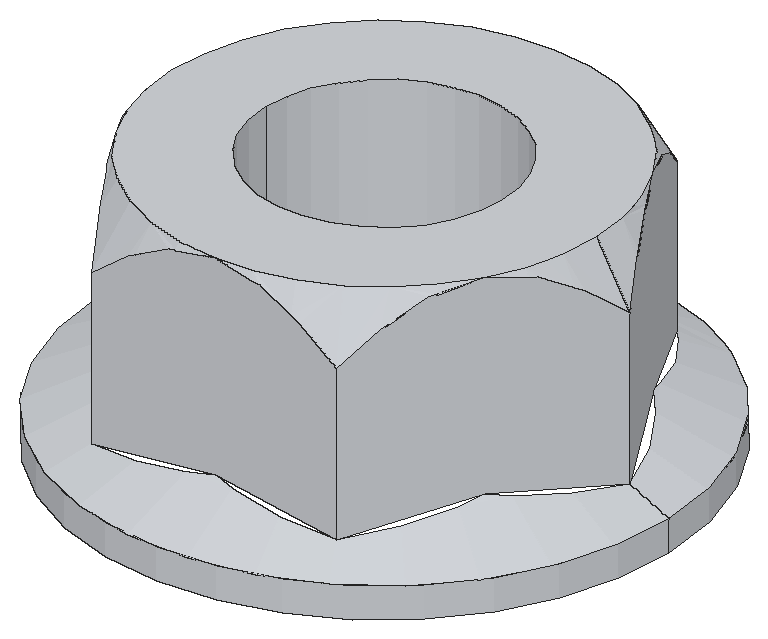
Revit family "RRHDWSSERFLN", category Generic Models, Revit 2018
Family settings
  Can host rebar = No
  Round Connector Dimension = Use Diameter
  Part Type = Normal
  Work Plane-Based = Yes
  Always vertical = No
  Cut with Voids When Loaded = No
  Shared = Yes
  Room Calculation Point = No
Parameters (values of type "RRHDWSSERFLN3/8")
  Washer Lip Height = 0.040000"
  Washer Height = 0.110000"
  Top Diameter = 0.560000"
  Ship Complete Level [instance] = ""
  Rod Radius = Inside Diameter / 2  # 0.156500"
  Required Date [instance] = ""
  Outside Radius = Outside Diameter / 2  # 0.375000"
  Outside Diameter = 0.750000"
  Job [instance] = ""
  Inside Diameter = 0.313000"
  Hex Width = 0.560000"
  Height = 0.340000"
  Hardware Material = none
  Group/Run [instance] = ""
  Description = "Serrated Flange Nut 304 3/8-16"
  Default Elevation = 48.000000"
  Custom [instance] = ""
  Catalog Number = "RRHDWSSERFLN3/8"
  Assembly Name [instance] = ""
  Assembly ID [instance] = ""
Types (2): name | Washer Lip Height | Washer Height | Top Diameter | Outside Radius | Outside Diameter | Hex Width | Height | Description | Catalog Number
  RRHDWSSERFLN1/2 | 0.050000" | 0.140000" | 0.800000" | 0.500000" | 1.000000" | 0.750000" | 0.450000" | "Serrated Flange Nut 304 1/2-13" | "RRHDWSSERFLN1/2"
  RRHDWSSERFLN3/8 | 0.040000" | 0.110000" | 0.560000" | 0.375000" | 0.750000" | 0.560000" | 0.340000" | "Serrated Flange Nut 304 3/8-16" | "RRHDWSSERFLN3/8"
Reference planes (in)
  plane 1 "Center (Front/Back)": y = 0
  plane 2: z = 0
  plane 3 "Center (Left/Right)": x = 0
  plane 4 "Top": z = 0.34
  plane 5: z = 0.04
  plane 6 "Right": x = 0.375
  plane 7 "Left": x = -0.375
  plane 8 "Hex Back": y = 0.28
  plane 9 "Hex Front": y = -0.28
  plane 10: through (0.44503, 0.77081, 48) normal (0.866, -0.5, 0)
  plane 11: through (0.68751, 0.63081, 48) normal (0.866, -0.5, 0)
  plane 12: through (0.20254, 0.91081, 48) normal (0.866, -0.5, 0)
  plane 13: through (1.12879, -1.95512, 48) normal (-0.866, -0.5, 0)
  plane 14: through (1.32103, -1.7281, 48) normal (-0.866, -0.5, 0)
  plane 15: through (0.83606, -2.0081, 48) normal (-0.866, -0.5, 0)
  plane 16 "Top Dia Right": x = 0.28
  plane 17 "Top Dia Left": x = -0.28
  plane 18 "Center L/Y": z = 0.11
Forms (in)
  Extrusion 1, solid, material <- "Hardware Material"
    sketch origin (0, 0, 0) x (1, 0, 0) y (0, 1, 0)
      loop
        line (-0.16166, 0.28) -> (-0.32332, 0) -> (-0.16166, -0.28) -> (0.16166, -0.28) -> (0.32332, 0) -> (0.16166, 0.28) -> (-0.16166, 0.28)
    from 0 to 0.34
  Revolve 2, void
    sketch origin (0, 0, 0) x (1, 0, 0) y (0, 0, 1)
      loop
        line (-0.25113, 0.39) -> (-0.36301, 0.39) -> (-0.36301, 0.19622) -> (-0.25113, 0.39)
      axis (0, 0.39) -> (0, 0.19622)
    angle from 0 to 360
  Revolve 3, solid, material <- "Hardware Material"
    sketch origin (0, 0, 0) x (1, 0, 0) y (0, 0, 1)
      loop
        line (0, 0) -> (0.375, 0) -> (0.375, 0.04) -> (0.22412, 0.11) -> (0, 0.11) -> (0, 0)
      axis (0, 0.11) -> (0, 0)
    angle from 0 to 360
  Extrusion 4, void
    sketch origin (0, 0, 0) x (1, 0, 0) y (0, 1, 0)
      loop
        circle (0, 0) r 0.1565
    from 0 to 0.34
Cuts and joins
  Revolve 2, Extrusion 4 cuts Extrusion 1
  Extrusion 4 cuts Revolve 3
  joined: Extrusion 1, Revolve 3
Dimensions and locks (in)
  "Height": plane 4 "Top" to plane 2
  "Outside Diameter": plane 7 "Left" to plane 6 "Right"
  equal spacing: plane 7 "Left", plane 3 "Center (Left/Right)", plane 6 "Right"
  "Hex Width": plane 9 "Hex Front" to plane 8 "Hex Back"
  equal spacing: plane 9 "Hex Front", plane 1 "Center (Front/Back)", plane 8 "Hex Back"
  "Hex Width": plane 11 to plane 12
  equal spacing: plane 11, plane 10, plane 12
  "Hex Width": plane 15 to plane 14
  equal spacing: plane 15, plane 13, plane 14
  "Top Diameter": plane 16 "Top Dia Right" to plane 17 "Top Dia Left"
  equal spacing: plane 16 "Top Dia Right", plane 3 "Center (Left/Right)", plane 17 "Top Dia Left"
  locked: plane 17 "Top Dia Left" to Revolve 2 sketch curve at 0.08301
  locked: Revolve 2 sketch curve to plane 4 "Top" at 0.05
  "Washer Height": plane 18 "Center L/Y" to plane 2
  "Washer Lip Height": plane 5 to plane 2
  "Rod Radius": radius of Extrusion 4 sketch curve
  aligned and locked: level to plane 2
  aligned and locked: plane 9 "Hex Front" to Extrusion 1 sketch curve
  aligned and locked: Extrusion 1 sketch curve to plane 8 "Hex Back"
  aligned and locked: plane 11 to Extrusion 1 sketch curve
  aligned and locked: Extrusion 1 sketch curve to plane 12
  aligned and locked: plane 15 to Extrusion 1 sketch curve
  aligned and locked: Extrusion 1 sketch curve to plane 14
  aligned and locked: Extrusion 1 to plane 4 "Top"
  aligned and locked: Revolve 3 to plane 18 "Center L/Y"
  aligned and locked: plane 18 "Center L/Y" to Revolve 3 sketch curve
  aligned and locked: plane 5 to Revolve 3 sketch curve
  aligned and locked: Extrusion 4 to plane 4 "Top"
Automatic sketch dimensions
  Revolve 2 sketch curve to plane 3 "Center (Left/Right)" = 0.000000"
  plane 17 "Top Dia Left" to Revolve 2 sketch curve = 0.028868"
  plane 4 "Top" to Revolve 2 sketch curve = 0.143782"
  Revolve 2 sketch curve to plane 5 = 0.133383"
  Revolve 2 sketch curve to plane 4 "Top" = 0.233383"
  Revolve 3 sketch curve to plane 3 "Center (Left/Right)" = 0.000000"  (x2)
  Revolve 3 sketch curve to level = 0.000000"
  Revolve 3 sketch curve to plane 6 "Right" = 0.000000"
  Revolve 3 sketch curve to plane 16 "Top Dia Right" = 0.055885"
  Revolve 3 sketch curve to Revolve 3 sketch curve = 0.217455"
  Revolve 3 sketch curve to plane 4 "Top" = 0.082545"
  plane 1 "Center (Front/Back)" to Extrusion 4 sketch curve = 0.000000"
  Extrusion 4 sketch curve to plane 3 "Center (Left/Right)" = 0.000000"
